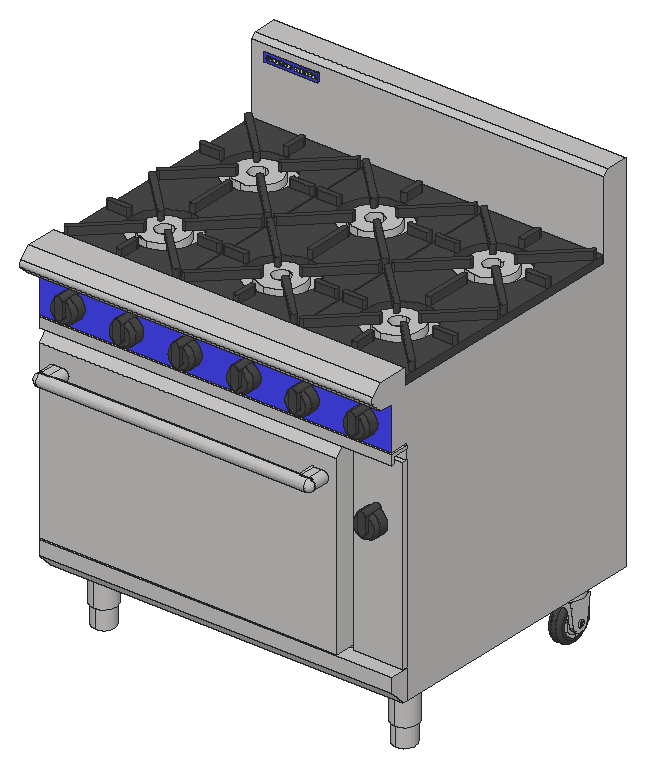
Revit family "QF_MOFFAT_BLUESEAL_CE_GE56D", category Specialty Equipment, Revit 2012 (continued)
Lines and regions (mm)
  symbolic lines
    curve 77: line (450.034, -96.281, 0) -> (450.034, -149.16, 0)
    curve 78: line (478.593, -269.593, 0) -> (591.73, -382.73, 0)
    curve 79: line (421.407, -269.593, 0) -> (308.27, -382.73, 0)
    curve 80: line (309.26, -241, 0) -> (359.26, -241, 0)
    curve 81: line (591.767, -241, 0) -> (540.041, -241, 0)
    curve 82: line (478.593, -205.407, 0) -> (591.73, -92.27, 0)
    curve 83: line (421.407, -205.407, 0) -> (308.27, -92.27, 0)
    curve 84: line (752.512, -331.778, 0) -> (752.512, -448.358, 0)
    curve 85: line (752.466, -681.268, 0) -> (752.466, -628.558, 0)
    curve 86: line (893.24, -537.634, 0) -> (843.24, -537.634, 0)
    curve 87: line (723.907, -512.407, 0) -> (610.77, -399.27, 0)
    curve 88: line (610.733, -537.634, 0) -> (662.459, -537.634, 0)
    curve 89: line (781.093, -512.407, 0) -> (894.23, -399.27, 0)
    curve 90: line (723.907, -562.593, 0) -> (610.77, -675.73, 0)
    curve 91: line (781.093, -562.593, 0) -> (894.23, -675.73, 0)
    curve 92: line (752.466, -96.281, 0) -> (752.466, -149.16, 0)
    curve 93: line (723.907, -269.593, 0) -> (610.77, -382.73, 0)
    curve 94: line (781.093, -269.593, 0) -> (894.23, -382.73, 0)
    curve 95: line (893.24, -241, 0) -> (843.24, -241, 0)
    curve 96: line (610.733, -241, 0) -> (662.459, -241, 0)
    curve 97: line (723.907, -205.407, 0) -> (610.77, -92.27, 0)
    curve 98: line (781.093, -205.407, 0) -> (894.23, -92.27, 0)
    curve 99: line (32.794, -18.385, 0) -> (260.753, -18.385, 0)
    curve 100: arc (260.753, -18.385, 0) -> (265.753, -19.725, 0) -> (269.413, -23.385, 0) r 10
    curve 101: line (269.413, -23.385, 0) -> (273.455, -30.385, 0)
    curve 102: arc (273.455, -30.385, 0) -> (273.455, -40.385, 0) -> (264.794, -45.385, 0) r 10
    curve 103: line (264.794, -45.385, 0) -> (36.836, -45.385, 0)
    curve 104: arc (36.836, -45.385, 0) -> (31.836, -44.045, 0) -> (28.176, -40.385, 0) r 10
    curve 105: line (28.176, -40.385, 0) -> (24.134, -33.385, 0)
    curve 106: arc (24.134, -33.385, 0) -> (24.134, -23.385, 0) -> (32.794, -18.385, 0) r 10
    curve 107: line (560.753, -18.385, 0) -> (332.794, -18.385, 0)
    curve 108: arc (332.794, -18.385, 0) -> (324.134, -23.385, 0) -> (324.134, -33.385, 0) r 10
    curve 109: line (324.134, -33.385, 0) -> (328.176, -40.385, 0)
    curve 110: arc (328.176, -40.385, 0) -> (331.836, -44.045, 0) -> (336.836, -45.385, 0) r 10
    curve 111: line (336.836, -45.385, 0) -> (564.794, -45.385, 0)
    curve 112: arc (564.794, -45.385, 0) -> (573.455, -40.385, 0) -> (573.455, -30.385, 0) r 10
    curve 113: line (573.455, -30.385, 0) -> (569.413, -23.385, 0)
    curve 114: arc (569.413, -23.385, 0) -> (565.753, -19.725, 0) -> (560.753, -18.385, 0) r 10
    curve 115: line (632.794, -18.385, 0) -> (860.753, -18.385, 0)
    curve 116: arc (860.753, -18.385, 0) -> (865.753, -19.725, 0) -> (869.413, -23.385, 0) r 10
    curve 117: line (869.413, -23.385, 0) -> (873.455, -30.385, 0)
    curve 118: arc (873.455, -30.385, 0) -> (873.455, -40.385, 0) -> (864.794, -45.385, 0) r 10
    curve 119: line (864.794, -45.385, 0) -> (636.836, -45.385, 0)
    curve 120: arc (636.836, -45.385, 0) -> (631.836, -44.045, 0) -> (628.176, -40.385, 0) r 10
    curve 121: line (628.176, -40.385, 0) -> (624.134, -33.385, 0)
    curve 122: arc (624.134, -33.385, 0) -> (624.134, -23.385, 0) -> (632.794, -18.385, 0) r 10
    curve 123: line (0, -783.97, 0) -> (900, -783.97, 0)
    curve 124: line (0, -57.5, 0) -> (900, -57.5, 0)
  symbolic lines, style "QF_Door-Drawer Clearances", visible <- "Show Clearance"
    curve 12: line (0, -1218.847, 0) -> (0, -812, 0)
    curve 13: line (0, -1218.847, 0) -> (760, -1218.847, 0)
    curve 14: line (760, -1218.847, 0) -> (760, -812, 0)
Dimensions and locks
  equal spacing: plane 3 "LEFT", plane 7 "Center Y", plane 4 "RIGHT"
  "Width": plane 3 "LEFT" to plane 4 "RIGHT"
  equal spacing: plane 5 "FRONT", plane 8 "Center X", plane 1 "BACK"
  plane 5 "FRONT" to plane 1 "BACK" = 812 mm  (x2)
  equal spacing: plane 4 "RIGHT", plane 7 "Center Y", plane 3 "LEFT"
  plane 4 "RIGHT" to plane 3 "LEFT" = 900 mm
  "Height": plane 6 "TOP" to level
  plane 10 to plane 1 "BACK" = 574.272 mm
  plane 12 to plane 1 "BACK" = 304.972 mm  (x2)
  plane 11 to plane 3 "LEFT" = 60 mm
  plane 14 to plane 3 "LEFT" = 74 mm
  plane 9 to plane 3 "LEFT" = 280 mm
  "Depth": plane 1 "BACK" to plane 15
  plane 15 to plane 5 "FRONT" = 0 mm
  plane 6 "TOP" to plane 2 = 970 mm
  plane 2 to Extrusion 1 sketch curve = 875 mm
  locked: plane 2 to Extrusion 1 sketch curve at 915
  Revolve 30 sketch curve to Revolve 30 sketch curve = 50.8 mm
  Revolve 34 sketch curve to Revolve 34 sketch curve = 50.8 mm
  plane 20 to level = 1085 mm
  Extrusion 35 sketch curve to plane 22 = 64.8 mm
  plane 23 to Extrusion 38 sketch curve = 67.217 mm
  plane 24 to Extrusion 39 sketch curve = 65.8 mm
  Extrusion 40 sketch curve to plane 1 "BACK" = 501 mm
  Extrusion 40 sketch curve to plane 4 "RIGHT" = 74 mm
  aligned and locked: level to plane 2
  aligned and locked: curve 3 to plane 4 "RIGHT"
Automatic sketch dimensions
  Extrusion 1 sketch curve to plane 21 = 0 mm
  Extrusion 1 sketch curve to plane 20 = 0 mm
  Extrusion 1 sketch curve to plane 1 "BACK" = 0 mm
  plane 21 to Extrusion 1 sketch curve = 44 mm
  Extrusion 1 sketch curve to plane 5 "FRONT" = 28.03 mm
  Extrusion 1 sketch curve to plane 5 "FRONT" = 27.03 mm
  Extrusion 1 sketch curve to plane 5 "FRONT" = 12.018 mm
  Extrusion 1 sketch curve to plane 5 "FRONT" = 3.524 mm  (x2)
  Extrusion 1 sketch curve to plane 21 = 6 mm
  Extrusion 1 sketch curve to plane 20 = 12.5 mm
  plane 19 to Extrusion 1 sketch curve = 30 mm
  Extrusion 1 sketch curve to Extrusion 1 sketch curve = 12.5 mm
  Extrusion 1 sketch curve to Extrusion 1 sketch curve = 41.494 mm
  Extrusion 1 sketch curve to Extrusion 1 sketch curve = 25 mm
  plane 18 to Extrusion 1 sketch curve = 85 mm
  level to Extrusion 1 sketch curve = 150 mm
  Extrusion 1 sketch curve to Extrusion 1 sketch curve = 8.494 mm
  plane 21 to Extrusion 2 sketch curve = 20 mm
  Extrusion 2 sketch curve to plane 21 = 6 mm
  level to Extrusion 2 sketch curve = 227.5 mm
  plane 21 to Extrusion 3 sketch curve = 9 mm
  Extrusion 3 sketch curve to plane 21 = 6 mm
  level to Extrusion 3 sketch curve = 227.5 mm
  plane 18 to Extrusion 3 sketch curve = 45 mm
  Revolve 4 sketch curve to level = 0 mm
  Revolve 4 sketch curve to plane 21 = 48.25 mm
  Revolve 4 sketch curve to Revolve 4 sketch curve = 4.25 mm
  Revolve 4 sketch curve to Revolve 4 sketch curve = 27.5 mm  (x2)
  level to Revolve 4 sketch curve = 50 mm
  Revolve 4 sketch curve to Revolve 4 sketch curve = 0 mm
  Revolve 4 sketch curve to Revolve 4 sketch curve = 100 mm
  Revolve 4 sketch curve to Revolve 4 sketch curve = 55 mm
  Revolve 5 sketch curve to level = 0 mm
  Revolve 5 sketch curve to plane 21 = 48.25 mm
  Revolve 5 sketch curve to Revolve 5 sketch curve = 4.25 mm
  Revolve 5 sketch curve to Revolve 5 sketch curve = 27.5 mm  (x2)
  Revolve 5 sketch curve to level = 55 mm
  Revolve 5 sketch curve to Revolve 5 sketch curve = 50 mm
  Revolve 5 sketch curve to Revolve 5 sketch curve = 0 mm
  Revolve 5 sketch curve to Revolve 5 sketch curve = 100 mm
  Extrusion 6 sketch curve to plane 17 = 0 mm
  Extrusion 6 sketch curve to plane 16 = 64.5 mm
  Revolve 7 sketch curve to plane 5 "FRONT" = 19 mm
  Revolve 7 sketch curve to Revolve 7 sketch curve = 0 mm  (x2)
  Revolve 7 sketch curve to Revolve 7 sketch curve = 11 mm
  Revolve 7 sketch curve to Revolve 7 sketch curve = 12.7 mm
  Revolve 7 sketch curve to Revolve 7 sketch curve = 23 mm
  Revolve 7 sketch curve to Revolve 7 sketch curve = 10 mm
  plane 18 to Revolve 7 sketch curve = 141.882 mm
  Revolve 7 sketch curve to Revolve 7 sketch curve = 5 mm
  Revolve 7 sketch curve to Revolve 7 sketch curve = 26.651 mm
  Revolve 7 sketch curve to Revolve 7 sketch curve = 5.849 mm
  Revolve 8 sketch curve to plane 5 "FRONT" = 19 mm
  Revolve 8 sketch curve to Revolve 8 sketch curve = 0 mm  (x2)
  Revolve 8 sketch curve to Revolve 8 sketch curve = 11 mm
  Revolve 8 sketch curve to Revolve 8 sketch curve = 12.7 mm
  Revolve 8 sketch curve to Revolve 8 sketch curve = 23 mm
  Revolve 8 sketch curve to Revolve 8 sketch curve = 10 mm
  plane 18 to Revolve 8 sketch curve = 141.882 mm
  Revolve 8 sketch curve to Revolve 8 sketch curve = 5 mm
  Revolve 8 sketch curve to Revolve 8 sketch curve = 26.651 mm
  Revolve 8 sketch curve to Revolve 8 sketch curve = 5.849 mm
  Revolve 9 sketch curve to plane 5 "FRONT" = 19 mm
  Revolve 9 sketch curve to Revolve 9 sketch curve = 0 mm  (x2)
  Revolve 9 sketch curve to Revolve 9 sketch curve = 11 mm
  Revolve 9 sketch curve to Revolve 9 sketch curve = 12.7 mm
  Revolve 9 sketch curve to Revolve 9 sketch curve = 23 mm
  Revolve 9 sketch curve to Revolve 9 sketch curve = 10 mm
  Revolve 9 sketch curve to plane 6 "TOP" = 140.618 mm
  Revolve 9 sketch curve to Revolve 9 sketch curve = 5.849 mm
  Revolve 9 sketch curve to Revolve 9 sketch curve = 27.5 mm
  Revolve 9 sketch curve to Revolve 9 sketch curve = 5 mm
  Revolve 10 sketch curve to plane 5 "FRONT" = 19 mm
  Revolve 10 sketch curve to Revolve 10 sketch curve = 0 mm  (x2)
  Revolve 10 sketch curve to Revolve 10 sketch curve = 11 mm
  Revolve 10 sketch curve to Revolve 10 sketch curve = 12.7 mm
  Revolve 10 sketch curve to Revolve 10 sketch curve = 23 mm
  Revolve 10 sketch curve to Revolve 10 sketch curve = 10 mm
  Revolve 10 sketch curve to plane 6 "TOP" = 140.618 mm
  Revolve 10 sketch curve to Revolve 10 sketch curve = 5.849 mm
  Revolve 10 sketch curve to Revolve 10 sketch curve = 27.5 mm
  Revolve 10 sketch curve to Revolve 10 sketch curve = 5 mm
  Revolve 11 sketch curve to plane 5 "FRONT" = 19 mm
  Revolve 11 sketch curve to Revolve 11 sketch curve = 0 mm  (x2)
  Revolve 11 sketch curve to Revolve 11 sketch curve = 11 mm
  Revolve 11 sketch curve to Revolve 11 sketch curve = 12.7 mm
  Revolve 11 sketch curve to Revolve 11 sketch curve = 23 mm
  Revolve 11 sketch curve to Revolve 11 sketch curve = 10 mm
  Revolve 11 sketch curve to plane 6 "TOP" = 140.618 mm
  Revolve 11 sketch curve to Revolve 11 sketch curve = 5.849 mm
  Revolve 11 sketch curve to Revolve 11 sketch curve = 27.5 mm
  Revolve 11 sketch curve to Revolve 11 sketch curve = 5 mm
  plane 14 to Extrusion 12 sketch curve = 26.156 mm
  Extrusion 12 sketch curve to Extrusion 12 sketch curve = 10 mm
  Extrusion 12 sketch curve to plane 6 "TOP" = 146.118 mm
  Extrusion 12 sketch curve to Extrusion 12 sketch curve = 35 mm
  Extrusion 13 sketch curve to plane 9 = 29.844 mm
  Extrusion 13 sketch curve to Extrusion 13 sketch curve = 10 mm
  Extrusion 13 sketch curve to plane 6 "TOP" = 146.118 mm
  Extrusion 13 sketch curve to Extrusion 13 sketch curve = 35 mm
  Extrusion 14 sketch curve to plane 16 = 4.656 mm
  plane 16 to Extrusion 14 sketch curve = 5.344 mm
  plane 18 to Extrusion 14 sketch curve = 133.882 mm
  Extrusion 14 sketch curve to Extrusion 14 sketch curve = 35 mm
  Extrusion 15 sketch curve to plane 16 = 154.656 mm
  Extrusion 15 sketch curve to Extrusion 15 sketch curve = 10 mm
  plane 18 to Extrusion 15 sketch curve = 133.882 mm
  Extrusion 15 sketch curve to Extrusion 15 sketch curve = 35 mm
  Extrusion 16 sketch curve to plane 7 "Center Y" = 49.868 mm
  Extrusion 16 sketch curve to Extrusion 16 sketch curve = 10 mm
  Extrusion 16 sketch curve to plane 6 "TOP" = 146.118 mm
  Extrusion 16 sketch curve to Extrusion 16 sketch curve = 35 mm
  plane 7 "Center Y" to Extrusion 17 sketch curve = 100.132 mm
  Extrusion 17 sketch curve to Extrusion 17 sketch curve = 10 mm
  Extrusion 17 sketch curve to plane 6 "TOP" = 146.118 mm
  Extrusion 17 sketch curve to Extrusion 17 sketch curve = 35 mm
  Revolve 18 sketch curve to plane 5 "FRONT" = 54 mm
  Revolve 18 sketch curve to Revolve 18 sketch curve = 0 mm  (x2)
  Revolve 18 sketch curve to Revolve 18 sketch curve = 11 mm
  Revolve 18 sketch curve to Revolve 18 sketch curve = 12.7 mm
  plane 21 to Revolve 18 sketch curve = 19 mm
  plane 21 to Revolve 18 sketch curve = 9 mm
  Revolve 18 sketch curve to plane 18 = 103.743 mm
  Revolve 18 sketch curve to Revolve 18 sketch curve = 5 mm
  Revolve 18 sketch curve to Revolve 18 sketch curve = 26.651 mm
  Revolve 18 sketch curve to Revolve 18 sketch curve = 5.849 mm
  Extrusion 19 sketch curve to plane 16 = 7.156 mm
  plane 16 to Extrusion 19 sketch curve = 2.844 mm
  Extrusion 19 sketch curve to plane 18 = 111.743 mm
  Extrusion 19 sketch curve to Extrusion 19 sketch curve = 35 mm
  plane 21 to Extrusion 20 sketch curve = 44 mm
  level to Extrusion 20 sketch curve = 227.5 mm
  plane 5 "FRONT" to Extrusion 20 sketch curve = 406.847 mm
  plane 1 "BACK" to Extrusion 21 sketch curve = 0 mm
  Extrusion 21 sketch curve to plane 17 = 7 mm
  Extrusion 21 sketch curve to plane 16 = 140.5 mm
  plane 19 to Extrusion 21 sketch curve = 13 mm
  Extrusion 21 sketch curve to Extrusion 21 sketch curve = 50 mm
  Extrusion 21 sketch curve to plane 16 = 10.5 mm
  Revolve 22 sketch curve to plane 5 "FRONT" = 19 mm
  Revolve 22 sketch curve to Revolve 22 sketch curve = 0 mm  (x2)
  Revolve 22 sketch curve to Revolve 22 sketch curve = 11 mm
  Revolve 22 sketch curve to Revolve 22 sketch curve = 12.7 mm
  Revolve 22 sketch curve to Revolve 22 sketch curve = 23 mm
  Revolve 22 sketch curve to Revolve 22 sketch curve = 10 mm
  Revolve 22 sketch curve to plane 6 "TOP" = 140.618 mm
  Revolve 22 sketch curve to Revolve 22 sketch curve = 5.849 mm
  Revolve 22 sketch curve to Revolve 22 sketch curve = 27.5 mm
  Revolve 22 sketch curve to Revolve 22 sketch curve = 5 mm
  Extrusion 23 sketch curve to plane 11 = 1.472 mm
  Extrusion 23 sketch curve to plane 18 = 46.875 mm  (x2)
  Extrusion 23 sketch curve to Extrusion 23 sketch curve = 15 mm  (x2)
  Extrusion 23 sketch curve to plane 16 = 131.743 mm
  Extrusion 23 sketch curve to Extrusion 23 sketch curve = 20.282 mm  (x2)
  Revolve 24 sketch curve to plane 3 "LEFT" = 6.961 mm
  plane 3 "LEFT" to Revolve 24 sketch curve = 23.246 mm
  Revolve 24 sketch curve to plane 18 = 16.875 mm
  Revolve 24 sketch curve to Revolve 24 sketch curve = 15 mm
  Revolve 24 sketch curve to plane 18 = 31.875 mm
  plane 7 "Center Y" to Revolve 24 sketch curve = 138.039 mm
  Revolve 24 sketch curve to plane 16 = 111.461 mm
  plane 21 to Extrusion 25 sketch curve = 44 mm
  Extrusion 25 sketch curve to Extrusion 25 sketch curve = 6.387 mm
  Extrusion 25 sketch curve to Extrusion 25 sketch curve = 8.776 mm
  Extrusion 25 sketch curve to plane 21 = 4.07 mm
  plane 18 to Extrusion 25 sketch curve = 55 mm
  Extrusion 25 sketch curve to Extrusion 25 sketch curve = 16.999 mm
  Extrusion 25 sketch curve to Extrusion 25 sketch curve = 7.004 mm
  plane 21 to Extrusion 26 sketch curve = 44 mm
  Extrusion 26 sketch curve to Extrusion 26 sketch curve = 36.5 mm
  Extrusion 27 sketch curve to plane 19 = 0 mm
  Extrusion 27 sketch curve to plane 19 = 19.393 mm
  Extrusion 27 sketch curve to plane 19 = 31.75 mm
  plane 19 to Extrusion 27 sketch curve = 19.393 mm
  plane 19 to Extrusion 27 sketch curve = 31.75 mm
  level to Extrusion 27 sketch curve = 45.111 mm
  Extrusion 27 sketch curve to Extrusion 27 sketch curve = 4.889 mm
  Extrusion 27 sketch curve to Extrusion 27 sketch curve = 64.889 mm
  Revolve 28 sketch curve to plane 19 = 0 mm  (x2)
  Revolve 28 sketch curve to plane 19 = 35.75 mm
  Revolve 28 sketch curve to level = 55 mm
  level to Revolve 28 sketch curve = 50 mm
  Revolve 28 sketch curve to Revolve 28 sketch curve = 60 mm
  Revolve 28 sketch curve to Revolve 28 sketch curve = 40 mm
  Revolve 29 sketch curve to plane 19 = 0 mm  (x2)
  Revolve 29 sketch curve to plane 19 = 35.75 mm
  level to Revolve 29 sketch curve = 150 mm
  Revolve 29 sketch curve to Revolve 29 sketch curve = 40 mm
  level to Revolve 29 sketch curve = 50 mm
  Revolve 29 sketch curve to level = 55 mm
  Revolve 30 sketch curve to plane 16 = 34.382 mm
  Revolve 30 sketch curve to Revolve 30 sketch curve = 1.27 mm  (x4)
  Revolve 30 sketch curve to Revolve 30 sketch curve = 1.524 mm  (x2)
  Revolve 30 sketch curve to Revolve 30 sketch curve = 12.146 mm  (x2)
  Revolve 30 sketch curve to plane 16 = 16.68 mm
  Revolve 30 sketch curve to Revolve 30 sketch curve = 0.794 mm  (x2)
  Revolve 30 sketch curve to Revolve 30 sketch curve = 3.57 mm
  Revolve 30 sketch curve to Revolve 30 sketch curve = 2.143 mm
  Revolve 30 sketch curve to plane 16 = 6.361 mm
  plane 16 to Revolve 30 sketch curve = 5.13 mm
  plane 16 to Revolve 30 sketch curve = 6.339 mm
  plane 16 to Revolve 30 sketch curve = 14.515 mm
  Revolve 30 sketch curve to Revolve 30 sketch curve = 1.349 mm  (x2)
  Revolve 30 sketch curve to Revolve 30 sketch curve = 3.556 mm
  Revolve 30 sketch curve to plane 4 "RIGHT" = 2.18 mm
  level to Revolve 30 sketch curve = 50.8 mm
  Revolve 30 sketch curve to Revolve 30 sketch curve = 0 mm
  Revolve 30 sketch curve to Revolve 30 sketch curve = 3.505 mm  (x2)
  Revolve 30 sketch curve to Revolve 30 sketch curve = 3.447 mm  (x2)
  Revolve 30 sketch curve to Revolve 30 sketch curve = 9.964 mm
  Revolve 30 sketch curve to Revolve 30 sketch curve = 10.045 mm
  Revolve 30 sketch curve to Revolve 30 sketch curve = 2.053 mm
  Revolve 30 sketch curve to Revolve 30 sketch curve = 2.061 mm
  Revolve 30 sketch curve to Revolve 30 sketch curve = 8.247 mm
  Revolve 30 sketch curve to Revolve 30 sketch curve = 8.336 mm
  Revolve 30 sketch curve to Revolve 30 sketch curve = 6.35 mm  (x2)
  Extrusion 31 sketch curve to plane 19 = 0 mm
  Extrusion 31 sketch curve to plane 19 = 19.393 mm
  Extrusion 31 sketch curve to plane 19 = 31.75 mm
  plane 19 to Extrusion 31 sketch curve = 19.393 mm
  plane 19 to Extrusion 31 sketch curve = 31.75 mm
  level to Extrusion 31 sketch curve = 45.111 mm
  Extrusion 31 sketch curve to Extrusion 31 sketch curve = 4.889 mm
  Extrusion 31 sketch curve to Extrusion 31 sketch curve = 64.889 mm
  Revolve 32 sketch curve to level = 0 mm
  Revolve 32 sketch curve to plane 19 = 0 mm  (x2)
  Revolve 32 sketch curve to Revolve 32 sketch curve = 27.5 mm
  Revolve 32 sketch curve to Revolve 32 sketch curve = 31.75 mm
  Revolve 32 sketch curve to level = 55 mm
  Revolve 32 sketch curve to Revolve 32 sketch curve = 50 mm
  Revolve 32 sketch curve to Revolve 32 sketch curve = 0 mm
  Revolve 32 sketch curve to Revolve 32 sketch curve = 100 mm
  Revolve 33 sketch curve to level = 0 mm
  Revolve 33 sketch curve to plane 19 = 0 mm  (x2)
  Revolve 33 sketch curve to Revolve 33 sketch curve = 27.5 mm
  Revolve 33 sketch curve to Revolve 33 sketch curve = 31.75 mm
  level to Revolve 33 sketch curve = 50 mm
  Revolve 33 sketch curve to Revolve 33 sketch curve = 0 mm
  Revolve 33 sketch curve to Revolve 33 sketch curve = 100 mm
  Revolve 33 sketch curve to Revolve 33 sketch curve = 55 mm
  plane 14 to Revolve 34 sketch curve = 25.382 mm
  Revolve 34 sketch curve to Revolve 34 sketch curve = 1.27 mm  (x4)
  Revolve 34 sketch curve to Revolve 34 sketch curve = 1.524 mm  (x2)
  plane 14 to Revolve 34 sketch curve = 10.442 mm
  plane 14 to Revolve 34 sketch curve = 7.68 mm
  Revolve 34 sketch curve to Revolve 34 sketch curve = 0.794 mm  (x2)
  Revolve 34 sketch curve to Revolve 34 sketch curve = 3.57 mm
  Revolve 34 sketch curve to Revolve 34 sketch curve = 2.143 mm
  Revolve 34 sketch curve to plane 14 = 2.639 mm
  Revolve 34 sketch curve to plane 11 = 0.13 mm
  Revolve 34 sketch curve to plane 11 = 1.339 mm
  Revolve 34 sketch curve to plane 11 = 9.515 mm
  Revolve 34 sketch curve to Revolve 34 sketch curve = 1.349 mm  (x2)
  Revolve 34 sketch curve to Revolve 34 sketch curve = 3.556 mm
  Revolve 34 sketch curve to Revolve 34 sketch curve = 12.146 mm
  Revolve 34 sketch curve to plane 3 "LEFT" = 2.68 mm
  level to Revolve 34 sketch curve = 101.6 mm
  Revolve 34 sketch curve to Revolve 34 sketch curve = 6.35 mm  (x4)
  Revolve 34 sketch curve to Revolve 34 sketch curve = 8.247 mm
  Revolve 34 sketch curve to Revolve 34 sketch curve = 8.336 mm
  Revolve 34 sketch curve to Revolve 34 sketch curve = 2.061 mm
  Revolve 34 sketch curve to Revolve 34 sketch curve = 2.053 mm
  Revolve 34 sketch curve to Revolve 34 sketch curve = 10.045 mm
  Revolve 34 sketch curve to Revolve 34 sketch curve = 9.964 mm
  Revolve 34 sketch curve to Revolve 34 sketch curve = 3.447 mm  (x2)
  Revolve 34 sketch curve to Revolve 34 sketch curve = 3.505 mm
  plane 21 to Extrusion 35 sketch curve = 0 mm
  Extrusion 35 sketch curve to plane 21 = 3 mm  (x2)
  plane 10 to Extrusion 35 sketch curve = 36.504 mm
  plane 12 to Extrusion 35 sketch curve = 67.472 mm
  plane 19 to Extrusion 35 sketch curve = 26 mm  (x2)
  Extrusion 35 sketch curve to Extrusion 35 sketch curve = 3 mm
  plane 14 to Extrusion 35 sketch curve = 76 mm  (x2)
  plane 9 to Extrusion 35 sketch curve = 17 mm
  Extrusion 36 sketch curve to Extrusion 35 = 19.102 mm  (x6)
  Extrusion 36 sketch curve to Extrusion 36 sketch curve = 4.525 mm  (x48)
  Extrusion 36 sketch curve to Extrusion 35 = 27.593 mm  (x3)
  Extrusion 36 sketch curve to Extrusion 36 sketch curve = 48.456 mm  (x13)
  Extrusion 36 sketch curve to Extrusion 36 sketch curve = 50.976 mm  (x3)
  Extrusion 36 sketch curve to Extrusion 36 sketch curve = 0 mm  (x19)
  Extrusion 35 to Extrusion 36 sketch curve = 9.908 mm  (x2)
  Extrusion 36 sketch curve to Extrusion 36 sketch curve = 27.39 mm  (x5)
  Extrusion 36 sketch curve to Extrusion 36 sketch curve = 6.4 mm  (x21)
  Extrusion 36 sketch curve to Extrusion 36 sketch curve = 20.658 mm  (x6)
  Extrusion 36 sketch curve to Extrusion 36 sketch curve = 55.923 mm  (x3)
  Extrusion 35 to Extrusion 36 sketch curve = 6.102 mm  (x3)
  Extrusion 36 sketch curve to Extrusion 36 sketch curve = 128.581 mm  (x4)
  Extrusion 36 sketch curve to Extrusion 35 = 6.102 mm  (x2)
  Extrusion 36 sketch curve to Extrusion 35 = 5.102 mm  (x3)
  Extrusion 36 sketch curve to Extrusion 35 = 14.153 mm
  Extrusion 36 sketch curve to Extrusion 36 sketch curve = 12.205 mm  (x6)
  Extrusion 36 sketch curve to Extrusion 35 = 15.153 mm  (x2)
  Extrusion 35 to Extrusion 36 sketch curve = 15.153 mm
  Extrusion 36 sketch curve to Extrusion 36 sketch curve = 112.454 mm  (x3)
  Extrusion 36 sketch curve to Extrusion 36 sketch curve = 59.673 mm  (x3)
  Extrusion 36 sketch curve to Extrusion 36 sketch curve = 17.024 mm  (x4)
  Extrusion 36 sketch curve to Extrusion 36 sketch curve = 46.847 mm  (x6)
  Extrusion 36 sketch curve to Extrusion 36 sketch curve = 62.169 mm  (x3)
  Extrusion 36 sketch curve to Extrusion 35 = 36.153 mm  (x4)
  Extrusion 36 sketch curve to Extrusion 35 = 23.4 mm  (x3)
  Extrusion 36 sketch curve to Extrusion 35 = 9.156 mm  (x2)
  Extrusion 36 sketch curve to Extrusion 36 sketch curve = 55.413 mm  (x7)
  Extrusion 36 sketch curve to Extrusion 36 sketch curve = 20.524 mm  (x9)
  Extrusion 36 sketch curve to Extrusion 36 sketch curve = 53.847 mm  (x12)
  Extrusion 36 sketch curve to Extrusion 35 = 58.364 mm
  Extrusion 36 sketch curve to Extrusion 36 sketch curve = 55.661 mm  (x6)
  Extrusion 36 sketch curve to Extrusion 35 = 9.908 mm  (x2)
  Extrusion 36 sketch curve to Extrusion 36 sketch curve = 128.447 mm  (x6)
  Extrusion 36 sketch curve to Extrusion 36 sketch curve = 15.038 mm  (x4)
  Extrusion 36 sketch curve to Extrusion 36 sketch curve = 23.146 mm  (x2)
  Extrusion 38 sketch curve to plane 7 "Center Y" = 0 mm  (x2)
  plane 21 to Extrusion 38 sketch curve = 0 mm
  Extrusion 38 sketch curve to plane 21 = 3 mm  (x2)
  plane 10 to Extrusion 38 sketch curve = 36.504 mm
  plane 12 to Extrusion 38 sketch curve = 67.472 mm
  plane 19 to Extrusion 38 sketch curve = 26 mm  (x2)
  Extrusion 38 sketch curve to Extrusion 38 sketch curve = 3 mm
  plane 9 to Extrusion 38 sketch curve = 23 mm
  plane 21 to Extrusion 39 sketch curve = 0 mm
  Extrusion 39 sketch curve to plane 21 = 3 mm  (x2)
  plane 10 to Extrusion 39 sketch curve = 36.504 mm
  plane 12 to Extrusion 39 sketch curve = 67.472 mm
  plane 19 to Extrusion 39 sketch curve = 26 mm  (x2)
  Extrusion 39 sketch curve to Extrusion 39 sketch curve = 3 mm
  Extrusion 39 sketch curve to plane 24 = 84.2 mm  (x2)
  plane 7 "Center Y" to Extrusion 39 sketch curve = 154.417 mm
  curve 23 to curve 24 = 0 mm  (x2)
  curve 23 to curve 27 = 0 mm  (x2)
  curve 23 to curve 28 = 0 mm  (x2)
  curve 24 to curve 27 = 0 mm  (x2)
  curve 24 to curve 28 = 0 mm  (x2)
  curve 25 to curve 26 = 0 mm  (x2)
  curve 27 to curve 28 = 0 mm  (x2)
  curve 37 to curve 38 = 0 mm  (x2)
  curve 37 to curve 39 = 0 mm  (x2)
  curve 37 to curve 40 = 0 mm  (x2)
  curve 37 to curve 41 = 0 mm  (x2)
  curve 37 to curve 42 = 0 mm  (x2)
  curve 38 to curve 39 = 0 mm  (x2)
  curve 38 to curve 40 = 0 mm  (x2)
  curve 38 to curve 41 = 0 mm  (x2)
  curve 38 to curve 42 = 0 mm  (x2)
  curve 39 to curve 40 = 0 mm  (x2)
  curve 39 to curve 41 = 0 mm  (x2)
  curve 39 to curve 42 = 0 mm  (x2)
  curve 40 to curve 41 = 0 mm  (x2)
  curve 40 to curve 42 = 0 mm  (x2)
  curve 41 to curve 42 = 0 mm  (x2)
  curve 45 to curve 46 = 0 mm  (x2)
  curve 45 to curve 47 = 0 mm  (x2)
  curve 45 to curve 48 = 0 mm  (x2)
  curve 46 to curve 47 = 0 mm  (x2)
  curve 46 to curve 48 = 0 mm  (x2)
  curve 47 to curve 48 = 0 mm  (x2)
  curve 49 to curve 50 = 0 mm  (x2)
  curve 49 to curve 51 = 0 mm  (x2)
  curve 49 to curve 52 = 0 mm  (x2)
  curve 50 to curve 51 = 0 mm  (x2)
  curve 50 to curve 52 = 0 mm  (x2)
  curve 51 to curve 52 = 0 mm  (x2)
  curve 53 to curve 54 = 0 mm  (x2)
  curve 55 to curve 56 = 0 mm  (x2)
  curve 55 to curve 57 = 0 mm  (x2)
  curve 55 to curve 58 = 0 mm  (x2)
  curve 55 to curve 59 = 0 mm  (x2)
  curve 55 to curve 60 = 0 mm  (x2)
  curve 56 to curve 57 = 0 mm  (x2)
  curve 56 to curve 58 = 0 mm  (x2)
  curve 56 to curve 59 = 0 mm  (x2)
  curve 56 to curve 60 = 0 mm  (x2)
  curve 57 to curve 58 = 0 mm  (x2)
  curve 57 to curve 59 = 0 mm  (x2)
  curve 57 to curve 60 = 0 mm  (x2)
  curve 58 to curve 59 = 0 mm  (x2)
  curve 58 to curve 60 = 0 mm  (x2)
  curve 59 to curve 60 = 0 mm  (x2)
  curve 61 to curve 62 = 0 mm  (x2)
  curve 63 to curve 64 = 0 mm  (x2)
  curve 63 to curve 65 = 0 mm  (x2)
  curve 63 to curve 66 = 0 mm  (x2)
  curve 63 to curve 67 = 0 mm  (x2)
  curve 63 to curve 68 = 0 mm  (x2)
  curve 64 to curve 65 = 0 mm  (x2)
  curve 64 to curve 66 = 0 mm  (x2)
  curve 64 to curve 67 = 0 mm  (x2)
  curve 64 to curve 68 = 0 mm  (x2)
  curve 65 to curve 66 = 0 mm  (x2)
  curve 65 to curve 67 = 0 mm  (x2)
  curve 65 to curve 68 = 0 mm  (x2)
  curve 66 to curve 67 = 0 mm  (x2)
  curve 66 to curve 68 = 0 mm  (x2)
  curve 67 to curve 68 = 0 mm  (x2)
  curve 61 to plane 7 "Center Y" = 0 mm
  curve 45 to plane 7 "Center Y" = 0 mm
  curve 63 to plane 7 "Center Y" = 0 mm
  curve 57 to plane 16 = 84.5 mm
  plane 10 to curve 49 = 36.772 mm
  curve 49 to plane 16 = 84.5 mm
  curve 53 to curve 49 = 0 mm
  plane 12 to curve 42 = 45.472 mm
  plane 14 to curve 42 = 76 mm
  plane 14 to curve 28 = 76 mm
  curve 26 to curve 23 = 0 mm
  curve 39 to curve 41 = 22 mm
  plane 12 to curve 67 = 67.472 mm
  plane 12 to curve 57 = 67.472 mm
  curve 67 to curve 63 = 22 mm
  curve 59 to curve 55 = 22 mm
  curve 66 to curve 67 = 35 mm
  curve 58 to curve 59 = 35 mm
  curve 39 to curve 41 = 35 mm
  curve 38 to curve 39 = 28 mm
  curve 56 to curve 57 = 28 mm
  curve 63 to curve 65 = 28 mm
  curve 25 to plane 8 "Center X" = 46.768 mm
  curve 54 to plane 8 "Center X" = 46.768 mm
  curve 62 to plane 8 "Center X" = 46.768 mm
  curve 53 to curve 50 = 27.732 mm
  curve 61 to curve 46 = 27.732 mm
  curve 25 to curve 23 = 27.732 mm
  curve 52 to curve 49 = 22 mm
  curve 45 to curve 48 = 35 mm
  curve 23 to curve 28 = 35 mm
  curve 27 to curve 28 = 22 mm
  curve 47 to curve 45 = 22 mm
  curve 23 to curve 25 = 0.268 mm
  curve 49 to curve 54 = 0.268 mm
  curve 45 to curve 62 = 0.268 mm
  Extrusion 37 sketch curve to Extrusion 37 sketch curve = 0 mm  (x12)
  Extrusion 37 sketch curve to plane 7 "Center Y" = 0 mm  (x2)
  plane 12 to Extrusion 37 sketch curve = 67.472 mm  (x3)
  plane 10 to Extrusion 37 sketch curve = 36.772 mm  (x3)
  plane 14 to Extrusion 37 sketch curve = 76 mm  (x2)
  Extrusion 37 sketch curve to plane 16 = 84.5 mm  (x2)
  plane 1 "BACK" to curve 1 = 0 mm
  curve 1 to plane 3 "LEFT" = 0 mm
  plane 5 "FRONT" to curve 9 = 0 mm
  plane 21 to curve 6 = 0 mm
  plane 3 "LEFT" to curve 31 = 8.27 mm
  plane 3 "LEFT" to curve 44 = 8.27 mm
  plane 3 "LEFT" to curve 34 = 8.27 mm
  plane 3 "LEFT" to curve 29 = 8.27 mm
  plane 3 "LEFT" to curve 20 = 9.26 mm
  plane 3 "LEFT" to curve 35 = 9.26 mm
  plane 3 "LEFT" to curve 9 = 22.65 mm
  curve 10 to plane 11 = 11.111 mm
  curve 9 to plane 11 = 9.192 mm
  curve 20 to plane 11 = 0.74 mm
  curve 35 to plane 11 = 0.74 mm
  plane 14 to curve 34 = 47.407 mm
  plane 14 to curve 44 = 47.407 mm
  plane 14 to curve 29 = 47.407 mm
  plane 10 to curve 31 = 11.679 mm
  plane 14 to curve 31 = 47.407 mm
  curve 18 to plane 12 = 26.806 mm
  curve 34 to curve 18 = 28.581 mm
  curve 19 to plane 21 = 23.732 mm
  plane 14 to curve 19 = 76.034 mm
  curve 44 to curve 32 = 28.628 mm
  curve 44 to curve 43 = 57.187 mm
  plane 12 to curve 33 = 35.379 mm
  curve 34 to curve 33 = 57.187 mm
  curve 29 to curve 21 = 57.187 mm
  plane 10 to curve 30 = 11.679 mm
  curve 30 to curve 21 = 0 mm
  curve 36 to plane 9 = 39.959 mm
  curve 22 to plane 9 = 39.959 mm
  plane 9 to curve 43 = 11.73 mm
  plane 9 to curve 33 = 11.73 mm
  plane 9 to curve 30 = 11.73 mm
  plane 9 to curve 21 = 11.73 mm
  plane 9 to curve 22 = 11.767 mm
  plane 9 to curve 36 = 11.767 mm
  curve 15 to plane 21 = 3.3 mm
  plane 9 to curve 15 = 20 mm
  plane 8 "Center X" to curve 74 = 6.73 mm
  curve 21 to curve 74 = 16.539 mm
  curve 30 to curve 76 = 16.539 mm
  curve 33 to curve 79 = 16.539 mm
  plane 19 to curve 83 = 7.73 mm
  curve 43 to curve 83 = 16.539 mm
  curve 22 to curve 71 = 17.493 mm
  curve 36 to curve 80 = 17.493 mm
  curve 71 to curve 71 = 50 mm
  curve 80 to curve 80 = 50 mm
  plane 10 to curve 76 = 11.679 mm
  curve 76 to plane 7 "Center Y" = 28.593 mm
  curve 83 to plane 7 "Center Y" = 28.593 mm
  curve 74 to plane 7 "Center Y" = 28.593 mm
  curve 79 to plane 7 "Center Y" = 28.593 mm
  curve 69 to plane 7 "Center Y" = 0.012 mm
  plane 7 "Center Y" to curve 70 = 0.034 mm
  plane 7 "Center Y" to curve 77 = 0.034 mm
  plane 10 to curve 75 = 11.679 mm
  plane 7 "Center Y" to curve 75 = 28.593 mm
  plane 7 "Center Y" to curve 72 = 28.593 mm
  plane 7 "Center Y" to curve 78 = 28.593 mm
  plane 7 "Center Y" to curve 82 = 28.593 mm
  curve 78 to curve 81 = 61.447 mm
  curve 75 to curve 73 = 61.447 mm
  plane 8 "Center X" to curve 72 = 6.73 mm
  plane 7 "Center Y" to curve 72 = 141.73 mm
  plane 19 to curve 82 = 7.73 mm
  plane 7 "Center Y" to curve 82 = 141.73 mm
  curve 78 to plane 13 = 17.758 mm
  curve 78 to curve 72 = 0 mm
  curve 75 to plane 21 = 29.27 mm
  plane 7 "Center Y" to curve 75 = 141.73 mm
  curve 81 to curve 81 = 51.727 mm
  curve 73 to curve 73 = 51.727 mm
  curve 82 to curve 16 = 9.686 mm
  curve 81 to curve 96 = 18.965 mm
  curve 73 to curve 88 = 18.965 mm
  curve 90 to plane 21 = 29.27 mm
  curve 75 to curve 90 = 19.039 mm
  plane 8 "Center X" to curve 87 = 6.73 mm
  curve 72 to curve 87 = 19.039 mm
  curve 93 to plane 13 = 17.758 mm
  curve 78 to curve 93 = 19.039 mm
  plane 19 to curve 97 = 7.73 mm
  curve 82 to curve 97 = 19.039 mm
  curve 96 to curve 96 = 51.727 mm
  curve 88 to curve 88 = 51.727 mm
  plane 12 to curve 93 = 35.379 mm
  curve 96 to curve 93 = 61.447 mm
  curve 97 to curve 93 = 0 mm
  curve 88 to curve 87 = 61.447 mm
  plane 10 to curve 90 = 11.679 mm
  curve 90 to curve 87 = 0 mm
  plane 5 "FRONT" to curve 10 = 14.544 mm
  curve 10 to plane 16 = 112.642 mm
  curve 11 to curve 11 = 25.191 mm
  curve 97 to curve 92 = 28.559 mm
  curve 85 to plane 21 = 23.732 mm
  curve 85 to plane 16 = 82.034 mm
  curve 84 to plane 12 = 26.806 mm
  curve 93 to curve 84 = 28.605 mm
  curve 13 to plane 16 = 74.5 mm
  curve 89 to plane 16 = 53.407 mm
  curve 98 to plane 16 = 53.407 mm
  plane 10 to curve 91 = 11.679 mm
  curve 91 to curve 89 = 0 mm
  curve 94 to plane 16 = 53.407 mm
  plane 16 to curve 86 = 8.74 mm
  plane 16 to curve 95 = 8.74 mm
  plane 4 "RIGHT" to curve 86 = 6.76 mm
  plane 4 "RIGHT" to curve 95 = 6.76 mm
  plane 4 "RIGHT" to curve 89 = 5.77 mm
  plane 4 "RIGHT" to curve 91 = 5.77 mm
  plane 4 "RIGHT" to curve 94 = 5.77 mm
  plane 4 "RIGHT" to curve 98 = 5.77 mm
  curve 12 to curve 10 = 392.303 mm
  curve 70 to plane 21 = 23.732 mm
  curve 7 to curve 91 = 25.97 mm
  curve 7 to curve 31 = 25.97 mm
  curve 15 to curve 76 = 25.97 mm
  curve 30 to curve 76 = 0 mm
  curve 85 to curve 85 = 52.71 mm
  curve 70 to curve 70 = 52.71 mm
  curve 19 to curve 19 = 52.71 mm
  plane 10 to curve 86 = 36.638 mm
  plane 10 to curve 73 = 36.638 mm
  plane 10 to curve 22 = 36.638 mm
  plane 10 to curve 71 = 36.638 mm
  plane 10 to curve 20 = 36.638 mm
  plane 10 to curve 88 = 36.638 mm
  curve 31 to curve 29 = 50.187 mm
  curve 75 to curve 72 = 50.187 mm
  curve 30 to curve 21 = 50.187 mm
  curve 76 to curve 74 = 50.187 mm
  curve 90 to curve 87 = 50.187 mm
  curve 91 to curve 89 = 50.187 mm
  curve 84 to plane 8 "Center X" = 42.358 mm
  curve 18 to plane 8 "Center X" = 42.358 mm
  curve 69 to plane 8 "Center X" = 42.358 mm
  plane 8 "Center X" to curve 89 = 6.73 mm
  plane 8 "Center X" to curve 21 = 6.73 mm
  plane 8 "Center X" to curve 29 = 6.73 mm
  curve 89 to curve 17 = 8.27 mm
  curve 21 to curve 33 = 16.539 mm
  curve 17 to curve 94 = 8.27 mm
  curve 33 to curve 79 = 0 mm
  curve 17 to curve 34 = 8.27 mm
  curve 69 to plane 12 = 26.806 mm
  plane 12 to curve 34 = 35.379 mm
  plane 12 to curve 94 = 35.379 mm
  plane 12 to curve 78 = 35.379 mm
  plane 12 to curve 79 = 35.379 mm
  plane 12 to curve 36 = 63.972 mm
  plane 12 to curve 95 = 63.972 mm
  curve 36 to curve 80 = 0 mm
  plane 12 to curve 81 = 63.972 mm
  curve 81 to curve 96 = 0 mm
  plane 12 to curve 35 = 63.972 mm
  curve 33 to curve 43 = 64.187 mm
  curve 79 to curve 83 = 64.187 mm
  curve 93 to curve 97 = 64.187 mm
  curve 83 to curve 82 = 0 mm
  curve 97 to curve 98 = 0 mm
  curve 44 to curve 43 = 0 mm
  curve 32 to plane 19 = 49.16 mm
  curve 77 to plane 19 = 49.16 mm
  curve 92 to plane 19 = 49.16 mm
  plane 19 to curve 92 = 3.719 mm
  plane 19 to curve 77 = 3.719 mm
  plane 19 to curve 32 = 3.719 mm
  plane 19 to curve 44 = 7.73 mm
  plane 19 to curve 98 = 7.73 mm
  plane 19 to curve 43 = 7.73 mm
  curve 43 to curve 15 = 19.536 mm
  curve 8 to curve 4 = 2.734 mm
  Split face 1 sketch curve to cut or joined group of Extrusion 1, Extrusion 21 = 27.115 mm
  Split face 1 sketch curve to cut or joined group of Extrusion 1, Extrusion 21 = 626.545 mm
  Split face 1 sketch curve to Split face 1 sketch curve = 4.041 mm  (x4)
  Split face 1 sketch curve to Split face 1 sketch curve = 8.66 mm  (x2)
  Split face 1 sketch curve to cut or joined group of Extrusion 1, Extrusion 21 = 12.115 mm
  Split face 1 sketch curve to Split face 1 sketch curve = 223.917 mm
  Split face 1 sketch curve to Split face 1 sketch curve = 7 mm  (x3)
  Split face 1 sketch curve to Split face 1 sketch curve = 17 mm
  Split face 2 sketch curve to cut or joined group of Extrusion 1, Extrusion 21 = 27.115 mm
  Split face 2 sketch curve to cut or joined group of Extrusion 1, Extrusion 21 = 326.545 mm
  Split face 2 sketch curve to cut or joined group of Extrusion 1, Extrusion 21 = 23.385 mm
  Split face 2 sketch curve to Split face 2 sketch curve = 4.041 mm  (x3)
  Split face 2 sketch curve to Split face 2 sketch curve = 8.66 mm  (x3)
  Split face 2 sketch curve to cut or joined group of Extrusion 1, Extrusion 21 = 12.115 mm
  Split face 2 sketch curve to Split face 2 sketch curve = 223.917 mm
  Split face 2 sketch curve to cut or joined group of Extrusion 1, Extrusion 21 = 18.385 mm
  Split face 2 sketch curve to Split face 2 sketch curve = 10 mm
  Split face 2 sketch curve to Split face 2 sketch curve = 7 mm
  Split face 3 sketch curve to cut or joined group of Extrusion 1, Extrusion 21 = 27.115 mm
  Split face 3 sketch curve to cut or joined group of Extrusion 1, Extrusion 21 = 26.545 mm
  Split face 3 sketch curve to cut or joined group of Extrusion 1, Extrusion 21 = 23.385 mm
  Split face 3 sketch curve to Split face 3 sketch curve = 4.041 mm  (x4)
  Split face 3 sketch curve to Split face 3 sketch curve = 8.66 mm  (x2)
  Split face 3 sketch curve to cut or joined group of Extrusion 1, Extrusion 21 = 22.115 mm
  Split face 3 sketch curve to Split face 3 sketch curve = 223.917 mm
  Split face 3 sketch curve to cut or joined group of Extrusion 1, Extrusion 21 = 17.115 mm
  Split face 3 sketch curve to Split face 3 sketch curve = 17 mm
  Split face 3 sketch curve to Split face 3 sketch curve = 7 mm
  curve 105 to plane 17 = 1.385 mm
  plane 3 "LEFT" to curve 105 = 24.134 mm
  curve 105 to plane 17 = 8.385 mm
  curve 105 to curve 105 = 4.041 mm
  plane 17 to curve 106 = 3.615 mm
  curve 106 to curve 106 = 8.66 mm
  curve 104 to curve 104 = 8.66 mm
  plane 17 to curve 100 = 3.615 mm
  curve 100 to plane 9 = 19.247 mm
  curve 102 to plane 17 = 3.385 mm
  curve 100 to curve 102 = 4.041 mm
  plane 17 to curve 101 = 8.615 mm
  plane 17 to curve 102 = 1.615 mm
  curve 102 to plane 9 = 6.545 mm
  curve 108 to plane 17 = 1.385 mm
  plane 9 to curve 108 = 44.134 mm
  curve 109 to curve 110 = 4.041 mm
  curve 108 to curve 107 = 8.66 mm
  curve 110 to plane 17 = 3.385 mm
  curve 108 to curve 110 = 4.041 mm
  plane 17 to curve 114 = 13.615 mm
  curve 114 to curve 16 = 40.664 mm
  curve 112 to plane 17 = 3.385 mm
  curve 114 to curve 112 = 4.041 mm
  plane 17 to curve 113 = 8.615 mm
  curve 107 to curve 113 = 8.66 mm
  plane 17 to curve 112 = 1.615 mm
  curve 113 to curve 112 = 4.041 mm
  curve 121 to plane 17 = 1.385 mm
  curve 16 to curve 121 = 22.717 mm
  curve 121 to plane 17 = 8.385 mm
  curve 121 to curve 121 = 4.041 mm
  plane 17 to curve 115 = 13.615 mm
  curve 122 to curve 115 = 8.66 mm
  curve 121 to curve 119 = 8.66 mm
  plane 16 to curve 115 = 26.253 mm
  curve 116 to curve 119 = 4.041 mm
  plane 17 to curve 117 = 8.615 mm
  curve 115 to curve 117 = 8.66 mm
  plane 17 to curve 117 = 1.615 mm
  curve 116 to curve 117 = 4.041 mm
  curve 120 to curve 121 = 5 mm
  curve 123 to plane 5 "FRONT" = 28.03 mm
  curve 4 to curve 124 = 12.5 mm
  Extrusion 2 sketch curve to Extrusion 2 sketch curve = 24 mm
  plane 18 to Extrusion 2 sketch curve = 21 mm
  plane 18 to Extrusion 2 sketch curve = 45 mm
  Extrusion 26 sketch curve to plane 21 = 6 mm
  level to Extrusion 26 sketch curve = 150 mm
  Extrusion 26 sketch curve to Extrusion 26 sketch curve = 36 mm
  plane 21 to Extrusion 26 sketch curve = 8 mm
  radius of Extrusion 6 sketch curve = 10 mm
  radius of Extrusion 35 sketch curve = 85 mm  (x2)
  radius of Extrusion 38 sketch curve = 85 mm  (x2)
  radius of Extrusion 39 sketch curve = 85 mm  (x2)
  radius of Extrusion 37 sketch curve = 57 mm  (x6)
  radius of Extrusion 37 sketch curve = 22 mm  (x6)
  radius of Extrusion 40 sketch curve = 6.35 mm
Nested families
  nested 1: "WALDORF LOGO_FACE BASE" at (32, -70, 1056.385) x (1, 0, 0) z (0, -1, 0), visible <- "Show Logo", type "WALDORF LOGO_FACE BASE", detail levels medium+fine
    with Show Logo yes
Connectors
  piping at (770, -32, 655)
    settings: on Extrusion 6, index 4, connector radius 0.37402", flow factor 0, pipe flow 0 GPM, pressure drop 0.00 psi, fitting loss kfactor 0, connector angle 0.00°, fixture units 0, engagement length 0 mm, flow configuration 1, flow direction 1, fitting loss method 0, system type 7, joint type 0, gender type 0, connector reference index -1, connector utility 0, adjustable connector no, is connector primary yes, fitting loss table "", connector description "GAS CONNECTION"
  electrical at (826, -501, 147.817), driven by "Volts", driven by "Watts"
    settings: on Extrusion 40, index 5, voltage 400 V, apparent load 6600 VA, apparent load phase1 0 VA, apparent load phase2 0 VA, apparent load phase3 0 VA, power factor 1, load classification "Other", number of poles 1, system type 30, power factor state 1, is connector primary yes, connector utility no, sub classification motor no, connector description "ELECTRICAL CONNECTION"
Definition of nested family "WALDORF LOGO_FACE BASE"
  Parameters (values of type "WALDORF LOGO_FACE BASE")
    Show Logo [instance] = yes
    Default Elevation = 1219.2 mm
  Reference planes
    plane 1 "Center (Front/Back)": y = 0
    plane 2: z = 0
    plane 3 "Center (Left/Right)": x = 0
  Forms (mm)
    Extrusion 1, solid
      sketch origin (0, 0, 0) x (1, 0, 0) y (0, 1, 0)
        loop
          line (-1219.2, 1219.2) -> (-1219.2, -1219.2) -> (1219.2, -1219.2) -> (1219.2, 1219.2) -> (-1219.2, 1219.2)
      from 0 to -304.8
    Extrusion 2, solid, material "QF_Finishes_Blue", visible <- "Show Logo"
      sketch origin (0, -33.217, 0) x (1, 0, 0) y (0, 1, 0)
        loop
          arc (138, 31.942) -> (137.626, 32.844) -> (136.724, 33.217) r 1.276
          line (136.724, 33.217) -> (1.29, 33.217)
          arc (1.29, 33.217) -> (0.378, 32.839) -> (0, 31.927) r 1.29
          line (0, 31.927) -> (0, 11.507)
          arc (0, 11.507) -> (0.378, 10.595) -> (1.29, 10.217) r 1.29
          line (1.29, 10.217) -> (136.71, 10.217)
          arc (136.71, 10.217) -> (137.622, 10.595) -> (138, 11.507) r 1.29
          line (138, 11.507) -> (138, 31.942)
      from 0 to 1.588
    Extrusion 3, solid, material "QF_Finishes_White", visible <- "Show Logo"
      sketch origin (0, -33.217, 1.588) x (1, 0, 0) y (0, 1, 0)
        loop
          arc (108.946, 25.919) -> (107.613, 25.367) -> (107.061, 24.034) r 1.885
          line (107.061, 24.034) -> (107.061, 17.211) -> (112.704, 17.211) -> (112.704, 19.129) -> (115.546, 19.129) -> (115.546, 17.211) -> (121.584, 17.211) -> (121.584, 24.075)
          arc (121.584, 24.075) -> (121.043, 25.379) -> (119.739, 25.919) r 1.845
          line (119.739, 25.919) -> (108.946, 25.919)
        loop
          line (123.478, 25.919) -> (123.478, 17.163) -> (134.904, 17.163) -> (134.904, 19.129) -> (129.246, 19.129) -> (129.246, 25.919) -> (123.478, 25.919)
        loop
          line (112.704, 21.258) -> (115.546, 21.258) -> (115.546, 22.702)
          arc (115.546, 22.702) -> (115.344, 23.188) -> (114.858, 23.389) r 0.687
          line (114.858, 23.389) -> (113.363, 23.389)
          arc (113.363, 23.389) -> (112.897, 23.196) -> (112.704, 22.73) r 0.658
          line (112.704, 22.73) -> (112.704, 21.258)
        loop
          line (105.071, 25.919) -> (93.771, 25.919) -> (93.771, 17.163) -> (105.071, 17.163) -> (105.071, 19.063) -> (99.535, 19.063) -> (99.535, 20.437) -> (105.071, 20.437) -> (105.071, 22.278) -> (99.535, 22.278) -> (99.535, 23.587) -> (105.071, 23.587) -> (105.071, 25.919)
        loop
          line (91.104, 25.919) -> (79.541, 25.919)
          arc (79.541, 25.919) -> (78.558, 25.513) -> (78.152, 24.53) r 1.389
          line (78.152, 24.53) -> (78.152, 22.08)
          arc (78.152, 22.08) -> (78.558, 21.098) -> (79.541, 20.691) r 1.389
          line (79.541, 20.691) -> (86.346, 20.691) -> (86.346, 18.864) -> (83.266, 18.864) -> (83.266, 19.664) -> (78.152, 19.664) -> (78.152, 18.553)
          arc (78.152, 18.553) -> (78.558, 17.57) -> (79.541, 17.163) r 1.389
          line (79.541, 17.163) -> (91.063, 17.163)
          arc (91.063, 17.163) -> (92.045, 17.57) -> (92.452, 18.553) r 1.389
          line (92.452, 18.553) -> (92.452, 20.691)
          arc (92.452, 20.691) -> (92.045, 21.673) -> (91.063, 22.08) r 1.389
          line (91.063, 22.08) -> (83.266, 22.08) -> (83.266, 23.984) -> (86.346, 23.984) -> (86.346, 22.743) -> (92.452, 22.743) -> (92.452, 24.571)
          arc (92.452, 24.571) -> (92.057, 25.524) -> (91.104, 25.919) r 1.348
        loop
          line (70.705, 25.919) -> (59.405, 25.919) -> (59.405, 17.163) -> (70.705, 17.163) -> (70.705, 19.063) -> (65.169, 19.063) -> (65.169, 20.437) -> (70.705, 20.437) -> (70.705, 22.278) -> (65.169, 22.278) -> (65.169, 23.587) -> (70.705, 23.587) -> (70.705, 25.919)
        loop
          line (57.598, 25.919) -> (51.7, 25.919) -> (51.7, 20.18)
          arc (51.7, 20.18) -> (50.63, 19.11) -> (49.56, 20.18) r 1.07
          line (49.56, 20.18) -> (49.56, 25.919) -> (43.663, 25.919) -> (43.663, 19.049)
          arc (43.663, 19.049) -> (44.215, 17.716) -> (45.548, 17.163) r 1.885
          line (45.548, 17.163) -> (55.71, 17.163)
          arc (55.71, 17.163) -> (57.045, 17.716) -> (57.598, 19.051) r 1.887
          line (57.598, 19.051) -> (57.598, 25.919)
        loop
          line (31.62, 25.919) -> (31.62, 17.163) -> (43.046, 17.163) -> (43.046, 19.129) -> (37.388, 19.129) -> (37.388, 25.919) -> (31.62, 25.919)
        loop
          line (15.969, 25.919) -> (15.969, 17.163) -> (28.693, 17.163)
          arc (28.693, 17.163) -> (29.812, 17.627) -> (30.276, 18.746) r 1.582
          line (30.276, 18.746) -> (30.276, 20.447) -> (29.48, 21.243) -> (30.276, 22.039) -> (30.276, 24.332)
          arc (30.276, 24.332) -> (29.811, 25.454) -> (28.688, 25.919) r 1.587
          line (28.688, 25.919) -> (15.969, 25.919)
        loop
          line (21.449, 24.159) -> (21.449, 22.436) -> (23.862, 22.436)
          arc (23.862, 22.436) -> (24.723, 23.298) -> (23.862, 24.159) r 0.861
          line (23.862, 24.159) -> (21.449, 24.159)
        loop
          line (21.449, 20.244) -> (21.449, 18.522) -> (23.862, 18.522)
          arc (23.862, 18.522) -> (24.723, 19.383) -> (23.862, 20.244) r 0.861
          line (23.862, 20.244) -> (21.449, 20.244)
      from 0 to 0.2
    Extrusion 4, solid, material "QF_Finishes_Blue", visible <- "Show Logo"
      sketch origin (-126.498, -31.09, 1.588) x (1, 0, 0) y (0, 1, 0)
        loop
          line (136.738, 23.522) -> (136.738, 15.1)
          arc (136.738, 15.1) -> (140.756, 19.311) -> (136.738, 23.522) r 4.216
      from 0 to 0.2
    Extrusion 5, solid, material "QF_Finishes_Red", visible <- "Show Logo"
      sketch origin (146.849, -31.09, 1.588) x (-1, 0, 0) y (0, -1, 0)
        loop
          arc (136.738, -23.522) -> (140.756, -19.311) -> (136.738, -15.1) r 4.216
          line (136.738, -15.1) -> (136.738, -23.522)
      from 0 to 0.2
  Lines and regions (mm)
    Split face 1
      outline origin (-90.35, -30.793, 1.588) x (1, 0, 0) y (0, 1, 0)
        loop
          circle (100.54, 19.013) r 4.536
  Dimensions and locks
    aligned and locked: plane 2 to Extrusion 1
    aligned and locked: level to Extrusion 1
